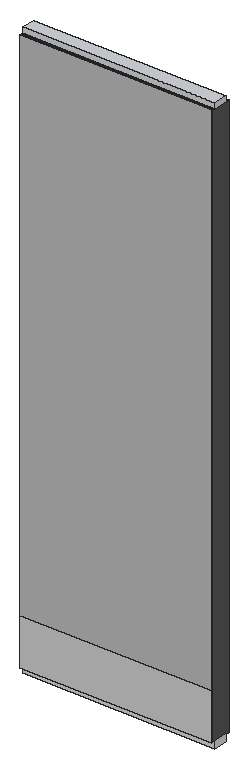
Revit family "Haworth_Enclose_Wall_Solid", category Furniture Systems, Revit 2018
Family settings
  Round Connector Dimension = Use Diameter
  Part Type = Normal
  OmniClass Number = 23.25.40.14
  OmniClass Title = Demountable Partitions
  Work Plane-Based = No
  Always vertical = Yes
  Cut with Voids When Loaded = No
  Shared = Yes
  Room Calculation Point = No
Parameters (values of type "36" x 108"")
  Warranty = "http://www.haworth.com/resources/product-info/warranties"
  URL - Product = "http://www.haworth.com/products/architectural-interiors/moveable-walls/enclose"
  Type Comments = ""
  Sustainability Info = "http://www.haworth.com/company-info/sustainablility"
  Raceway Finish = Haworth _ Metal _ Brushed Aluminum
  Panel 3 Front Finish [instance] = Haworth _ Paint _ Smoke
  Panel 3 Back Finish [instance] = Haworth _ Paint _ Smoke
  Panel 2 Front Finish [instance] = Haworth _ Paint _ Smoke
  Panel 2 Back Finish [instance] = Haworth _ Paint _ Smoke
  Panel 1 Front Finish [instance] = Haworth _ Paint _ Smoke
  Panel 1 Back Finish [instance] = Haworth _ Paint _ Smoke
  Model = "Haworth - Enclose"  # constant formula
  Frame Finish = Haworth _ Metal _ Brushed Aluminum
  End of Run Finish = Haworth _ Polymer _ Black
  Description = "Wall Solid"  # constant formula
  Ceiling Mount = yes
  Panel Size Note = "8in increments"  # constant formula
  Panel Height Note = "All Heights are A.F.F."  # constant formula
  Raceway Panel Width = Actual Width - (2 * End of Run Width)  # 35.69"
  Raceway Panel Front Height = 8.59"  # constant formula
  Raceway Panel Front = yes
  Raceway Panel Back Height = 8.59"  # constant formula
  Raceway Panel Back = yes
  Panel Height Back = if(Raceway Panel Back, (Actual Height - Cap Height - Base Height - Raceway Panel Back Height), (Actual Height - Cap Height - Base Height))  # 97.16"
  Offset Back = if(Raceway Panel Back, Raceway Panel Back Height + Base Height, Base Height)  # 9.84"
  Offset Front = if(Raceway Panel Front, Raceway Panel Front Height + Base Height, Base Height)  # 9.84"
  Max # of Panels = 3  # constant formula
  Material Options = "http://surfaces.haworth.com/haworth-surface-collection"
  Width = 36"
  Vertical Frame Width = 0.875"  # constant formula
  URL = "www.haworth.com"
  Size = "Verify Final Dim. w/ Haworth"  # constant formula
  Revision Number = "4"  # constant formula
  Panel Width = Actual Width - (2 * End of Run Width)  # 35.69"
  Panel Height Front = if(Raceway Panel Front, (Actual Height - Cap Height - Base Height - Raceway Panel Front Height), (Actual Height - Cap Height - Base Height))  # 97.16"
  Panel Depth = 0.5"  # constant formula
  Min/Max Width = "8-60 in."  # constant formula
  Min/Max Height = "84-144 in."  # constant formula
  Horizontal Top Trim Width = 1.5"  # constant formula
  Horizontal Top Adjuster Width = Cap Height + Horizontal Top Trim Width + 0.125"  # 2.625"
  Horizontal Bottom Adjuster Width = Base Height + Horizontal Bottom Trim Width + 0.125"  # 3.875"
  Glass Offset = Horizontal Bottom Adjuster Width + Horizontal Frame Width  # 4.75"
  Min. Width = 8"  # constant formula
  Max. Width = 60"  # constant formula
  Min. Height = 84"  # constant formula
  Max. Height = 144"  # constant formula
  Manufacturer = "Haworth"  # constant formula
  Horizontal Frame Width = 0.875"  # constant formula
  Horizontal Bottom Trim Width = 2.5"  # constant formula
  Height = 108"
  End of Run Width = 0.155"  # constant formula
  Frame Depth = 4"  # constant formula
  End of Run Right Width [instance] = if(End of Run Right, 1.845", End of Run Width)  # 0.155"
  End of Run Right [instance] = no
  End of Run Left Width [instance] = if(End of Run Left, 1.845", End of Run Width)  # 0.155"
  End of Run Left [instance] = no
  Cap Height = 1"  # constant formula
  Base Height = 1.25"  # constant formula
  Author = "SHAPE Environments, LLC"  # constant formula
  Assembly Code = "C1010200"
  Actual Width = if(Width < Min. Width, Min. Width, if(Width > Max. Width, Max. Width, Width))  # 36"
  Actual Height = if(Height < Min. Height, Min. Height, if(Height > Max. Height, Max. Height, Height))  # 108"
  Actual # of Panels Front = if(# of Panels Front > Max # of Panels, Max # of Panels, if(# of Panels Front < 1, 1, # of Panels Front))  # 1
  Actual # of Panels Back = if(# of Panels Back > Max # of Panels, Max # of Panels, if(# of Panels Back < 1, 1, # of Panels Back))  # 1
  # of Panels Front = 1
  # of Panels Back = 1
  Actual Panel 2 Front Height = if(Panel 2 Front Height < Actual Panel 1 Front Height + 8", Actual Panel 1 Front Height + 8", if(Panel 2 Front Height > Actual Height - 8", Actual Height - 8", Panel 2 Front Height))  # 64"
  Actual Panel 1 Front Height = if(Panel 1 Front Height < 8" + Offset Front, 8" + Offset Front, if(and(# of Panels Front = 3, Panel 1 Front Height > Actual Height - 16"), Actual Height - 16", if(and(# of Panels Front = 2, Panel 1 Front Height > Actual Height - 8"), Actual Height - 8", if(and(# of Panels Front = 1, Panel 1 Front Height > Actual Height), Actual Height, Panel 1 Front Height))))  # 32"
  Actual Panel 2 Back Height = if(Panel 2 Back Height < Actual Panel 1 Back Height + 8", Actual Panel 1 Back Height + 8", if(Panel 2 Back Height > Actual Height - 8", Actual Height - 8", Panel 2 Back Height))  # 64"
  Actual Panel 1 Back Height = if(Panel 1 Back Height < 8" + Offset Back, 8" + Offset Back, if(and(# of Panels Back = 3, Panel 1 Back Height > Actual Height - 16"), Actual Height - 16", if(and(# of Panels Back = 2, Panel 1 Back Height > Actual Height - 8"), Actual Height - 8", if(and(# of Panels Back = 1, Panel 1 Back Height > Actual Height), Actual Height, Panel 1 Back Height))))  # 32"
  Panel 2 Front Height = 64"
  Panel 1 Front Height = 32"
  Panel 2 Back Height = 64"
  Panel 1 Back Height = 32"
Types (5): name | Raceway Panel Width | Width | Panel Width | Actual Width | Actual # of Panels Front | Actual # of Panels Back | # of Panels Front | # of Panels Back
  36" x 108" | 35.69" | 36" | 35.69" | 36" | 1 | 1 | 1 | 1
  24" x 108" | 23.69" | 24" | 23.69" | 24" | 3 | 3 | 3 | 3
  30" x 108" | 29.69" | 30" | 29.69" | 30" | 3 | 3 | 3 | 3
  42" x 108" | 41.69" | 42" | 41.69" | 42" | 3 | 3 | 3 | 3
  48" x 108" | 47.69" | 48" | 47.69" | 48" | 3 | 3 | 3 | 3
Reference planes (in)
  plane 1 "Center F/B": y = -0.17786
  plane 2: z = 0
  plane 3 "Center L/R": x = -2.36364
  plane 4 "Left": x = -20.36364
  plane 5 "Right": x = 15.63636
  plane 6 "Top": z = 108
  plane 7 "Back": y = 1.82214
  plane 8 "Front": y = -2.17786
  plane 9 "Left Frame Outside": x = -20.20864
  plane 10 "Left Frame Inside": x = -19.33364
  plane 11 "Right Frame Outside": x = 15.48136
  plane 12 "Right Frame Inside": x = 14.60636
  plane 13 "End of Run Right": x = 15.63636
  plane 14 "End of Run Left": x = -20.36364
  plane 15 "Top Frame Outside": z = 105.375
  plane 16 "Top Trim Outside": z = 107
  plane 17 "Top Frame Inside": z = 104.5
  plane 18 "Bottom Frame Outside": z = 3.875
  plane 19 "Bottom Adjuster": z = 1.25
  plane 20 "Bottom Frame Inside": z = 4.75
  plane 21 "Raceway Top Front": z = 9.84
  plane 22 "Raceway Top Back": z = 9.84
Forms (in)
  Sweep 1, solid, material "Haworth _ Polymer _ Black" <- "End of Run Finish"
    path origin (0, -0.17786, 0) x (1, 0, 0) y (0, 0, 1)
      loop
        line (-20.20864, 107) -> (-20.20864, 1.25)
    profile "Haworth_Enclose - Postcap : Left" origin (-20.20864, -0.17786, 54.125) x (1, 0, 0) y (0, -1, 0)
      loop
        line (0, 1.805) -> (-0.155, 1.805) -> (-0.155, -1.805) -> (0, -1.805) -> (0, 1.805)
  Sweep 2, solid, material "Haworth _ Polymer _ Black" <- "End of Run Finish"
    path origin (0, -0.17786, 0) x (1, 0, 0) y (0, 0, 1)
      loop
        line (15.48136, 107) -> (15.48136, 1.25)
    profile "Haworth_Enclose - Postcap : Right" origin (15.48136, -0.17786, 54.125) x (1, 0, 0) y (0, -1, 0)
      loop
        line (0, 1.805) -> (0, -1.805) -> (0.155, -1.805) -> (0.155, 1.805) -> (0, 1.805)
  Sweep 3, solid, visible <- "Ceiling Mount"
    path origin (0, -0.17786, 0) x (1, 0, 0) y (0, 0, 1)
      loop
        line (-20.36364, 108) -> (15.63636, 108)
    profile "Haworth_Enclose - Horizontal_Track : Ceiling" origin (-2.36364, -0.17786, 108) x (0, 0, 1) y (0, -1, 0)
      loop
        line (0, 1.28) -> (-1, 1.28) -> (-1, -1.28) -> (0, -1.28) -> (0, 1.28)
  Sweep 4, solid
    path origin (0, -0.17786, 0) x (1, 0, 0) y (0, 0, 1)
      loop
        line (15.63636, 0) -> (-20.36364, 0)
    profile "Haworth_Enclose - Horizontal_Track : Base" origin (-2.36364, -0.17786, 0) x (0, 0, -1) y (0, -1, 0)
      loop
        line (0, 1.28) -> (-1.25, 1.28) -> (-1.25, -1.28) -> (0, -1.28) -> (0, 1.28)
  Sweep 5, solid, material "Haworth _ Metal _ Brushed Aluminum" <- "Frame Finish"
    path origin (0, -0.17786, 0) x (1, 0, 0) y (0, 0, 1)
      loop
        line (-20.20864, 107) -> (15.48136, 107)
    profile "Haworth_Enclose - Horizontal_Trim : Top" origin (-2.36364, -0.17786, 107) x (0, 0, 1) y (0, -1, 0)
      loop
        line (0, 1.5) -> (-1.43, 1.5) -> (-1.43, 1.305) -> (-1.625, 1.305) -> (-1.625, -1.305) -> (-1.43, -1.305) -> (-1.43, -1.5) -> (0, -1.5) -> (0, 1.5)
Lines and regions (in)
  Masking region 1
    outline origin (0, 0, 0) x (1, 0, 0) y (0, 1, 0)
      loop
        line (-20.36364, 1.82214) -> (-20.36364, -2.17786) -> (15.63636, -2.17786) -> (15.63636, 1.82214) -> (-20.36364, 1.82214)
  symbolic lines, style "Haworth", detail levels medium+fine
    curve 1: line (-19.33364, 1.32214, 0) -> (-19.33364, -1.67786, 0)
    curve 2: line (14.60636, 1.32214, 0) -> (14.60636, -1.67786, 0)
    curve 3: line (-20.36364, 1.32214, 0) -> (15.63636, 1.32214, 0)
    curve 4: line (15.63636, -1.67786, 0) -> (-20.36364, -1.67786, 0)
Dimensions and locks (in)
  equal spacing: plane 4 "Left", plane 3 "Center L/R", plane 5 "Right"
  "Actual Width": plane 4 "Left" to plane 5 "Right"
  "End of Run Width": plane 4 "Left" to plane 9 "Left Frame Outside"
  "Vertical Frame Width": plane 9 "Left Frame Outside" to plane 10 "Left Frame Inside"
  "End of Run Width": plane 11 "Right Frame Outside" to plane 5 "Right"
  "End of Run Right Width": plane 11 "Right Frame Outside" to plane 13 "End of Run Right"
  "End of Run Left Width": plane 14 "End of Run Left" to plane 9 "Left Frame Outside"
  "Vertical Frame Width": plane 12 "Right Frame Inside" to plane 11 "Right Frame Outside"
  equal spacing: plane 7 "Back", plane 1 "Center F/B", plane 8 "Front"
  "Frame Depth": plane 7 "Back" to plane 8 "Front"
  "Actual Height": plane 6 "Top" to level
  "Cap Height": plane 6 "Top" to plane 16 "Top Trim Outside"
  "Horizontal Frame Width": plane 15 "Top Frame Outside" to plane 17 "Top Frame Inside"
  "Base Height": plane 19 "Bottom Adjuster" to level
  "Horizontal Frame Width": plane 20 "Bottom Frame Inside" to plane 18 "Bottom Frame Outside"
  "Horizontal Bottom Adjuster Width": plane 18 "Bottom Frame Outside" to plane 2
  "Horizontal Top Adjuster Width": plane 6 "Top" to plane 15 "Top Frame Outside"
  "Raceway Panel Front Height": plane 21 "Raceway Top Front" to plane 19 "Bottom Adjuster"
  "Raceway Panel Back Height": plane 19 "Bottom Adjuster" to plane 22 "Raceway Top Back"
  aligned and locked: Sweep 1 sketch curve to plane 9 "Left Frame Outside"
  aligned and locked: Sweep 2 sketch curve to plane 11 "Right Frame Outside"
  aligned and locked: plane 13 "End of Run Right" to Sweep 3 sketch curve
  aligned and locked: plane 14 "End of Run Left" to Sweep 3 sketch curve
  aligned and locked: plane 14 "End of Run Left" to Sweep 4 sketch curve
  aligned and locked: plane 13 "End of Run Right" to Sweep 4 sketch curve
  aligned and locked: plane 2 to Sweep 4 sketch curve
  aligned and locked: Sweep 3 sketch curve to plane 6 "Top"
  aligned and locked: Masking region 1 sketch curve to plane 7 "Back"
  aligned and locked: plane 8 "Front" to Masking region 1 sketch curve
  aligned and locked: plane 19 "Bottom Adjuster" to Sweep 1 sketch curve
  aligned and locked: plane 16 "Top Trim Outside" to Sweep 1 sketch curve
  aligned and locked: plane 16 "Top Trim Outside" to Sweep 2 sketch curve
  aligned and locked: plane 19 "Bottom Adjuster" to Sweep 2 sketch curve
  aligned and locked: plane 3 "Center L/R" to nested 1
  aligned and locked: plane 8 "Front" to nested 1
  aligned and locked: nested 2 to plane 3 "Center L/R"
  aligned and locked: plane 7 "Back" to nested 2
  aligned and locked: curve 1 to plane 10 "Left Frame Inside"
  aligned and locked: curve 2 to plane 12 "Right Frame Inside"
  aligned and locked: nested 2 to curve 1
  aligned and locked: nested 1 to curve 2
  aligned and locked: nested 1 to plane 19 "Bottom Adjuster"
  aligned and locked: plane 19 "Bottom Adjuster" to nested 2
  aligned and locked: curve 3 to nested 2
  aligned and locked: plane 14 "End of Run Left" to curve 3
  aligned and locked: plane 14 "End of Run Left" to curve 4
  aligned and locked: curve 4 to nested 1
  aligned and locked: plane 13 "End of Run Right" to curve 3
  aligned and locked: plane 13 "End of Run Right" to curve 4
  aligned and locked: plane 3 "Center L/R" to nested 3
  aligned and locked: plane 8 "Front" to nested 3
  aligned and locked: nested 4 to plane 3 "Center L/R"
  aligned and locked: plane 7 "Back" to nested 4
  aligned and locked: Masking region 1 to plane 14 "End of Run Left"
  aligned and locked: plane 13 "End of Run Right" to Masking region 1
  aligned and locked: plane 16 "Top Trim Outside" to nested 3
  aligned and locked: nested 4 to plane 16 "Top Trim Outside"
  aligned and locked: Sweep 5 sketch curve to plane 16 "Top Trim Outside"
  aligned and locked: plane 9 "Left Frame Outside" to Sweep 5 sketch curve
  aligned and locked: plane 11 "Right Frame Outside" to Sweep 5 sketch curve
Automatic sketch dimensions
  Masking region 1 sketch curve to plane 4 "Left" = 0"
  plane 5 "Right" to Masking region 1 sketch curve = 0"
Nested families (in)
  nested 1: "Haworth_Enclose - Panel_Solid" at (-3.54385, -1.89763, 1.25), visible <- "Raceway Panel Front", Panel Height <- "Raceway Panel Front Height", type "Raceway Panel"
    with Panel Height 8.59"
  nested 2: "Haworth_Enclose - Panel_Solid" at (-3.54385, 1.5419, 1.25), visible <- "Raceway Panel Back", Panel Height <- "Raceway Panel Back Height", type "Raceway Panel"
    with Panel Height 8.59"
  nested 3: "Haworth_Enlcose - Panel_Solid-Tiles" at (-3.54385, -1.89763, 9.84), Panel 3 Finish <- "Panel 3 Front Finish", Panel 2 Finish <- "Panel 2 Front Finish", Panel 1 Finish <- "Panel 1 Front Finish", # of Panels <- "Actual # of Panels Front", built-in parameter 1001364 <- "Offset Front", type "Front"
    with Panel 3 Finish Haworth _ Paint _ Smoke, Panel 2 Finish Haworth _ Paint _ Smoke, Panel 1 Finish Haworth _ Paint _ Smoke, Actual # of Panels 1, 3 Panel no, 2 Panel no, 1 Panel yes, # of Panels 1, Offset 9.84", Actual 2H 54.16", Actual 1H 22.16", 2H 64", 1H 32", Actual Height 97.16"
  nested 4: "Haworth_Enlcose - Panel_Solid-Tiles" at (-3.54385, 1.5419, 9.84), Panel 3 Finish <- "Panel 3 Back Finish", Panel 2 Finish <- "Panel 2 Back Finish", Panel 1 Finish <- "Panel 1 Back Finish", # of Panels <- "Actual # of Panels Back", built-in parameter 1001364 <- "Offset Back", type "Back"
    with Panel 3 Finish Haworth _ Paint _ Smoke, Panel 2 Finish Haworth _ Paint _ Smoke, Panel 1 Finish Haworth _ Paint _ Smoke, Actual # of Panels 1, 3 Panel no, 2 Panel no, 1 Panel yes, # of Panels 1, Offset 9.84", Actual 2H 54.16", Actual 1H 22.16", 2H 64", 1H 32", Actual Height 97.16"
Definition of nested family "Haworth_Enclose - Panel_Solid"
  Parameters
    URL = "www.haworth.com"
    Revision Number = "1"  # constant formula
    Revision Date = ""
    Panel Width = 35.69"
    Panel Height [instance] = 8"
    Panel Finish = none
    Panel Depth = 0.5"
    Manufacturer = "Haworth"  # constant formula
    Author = "SHAPE Environments, LLC"  # constant formula
    Assembly Code = ""
  Reference planes (in)
    plane 1 "Center F/B": y = -0.03024
    plane 2: z = 0
    plane 3 "Center L/R": x = 1.1802
    plane 4 "Left": x = -16.6648
    plane 5 "Right": x = 19.0252
    plane 6 "Back": y = 0.21976
    plane 7 "Front": y = -0.28024
    plane 8 "Top": z = 8
  Forms (in)
    Extrusion 1, solid, material <- "Panel Finish"
      sketch origin (0, -0.03024, 0) x (1, 0, 0) y (0, 0, 1)
        loop
          line (-16.6648, 8) -> (-16.6648, 0) -> (19.0252, 0) -> (19.0252, 8) -> (-16.6648, 8)
      from -0.25 to 0.25
  Dimensions and locks (in)
    "Panel Height": plane 8 "Top" to level
    equal spacing: plane 6 "Back", plane 1 "Center F/B", plane 7 "Front"
    "Panel Depth": plane 6 "Back" to plane 7 "Front"
    equal spacing: plane 4 "Left", plane 3 "Center L/R", plane 5 "Right"
    "Panel Width": plane 4 "Left" to plane 5 "Right"
    aligned and locked: plane 4 "Left" to Extrusion 1 sketch curve
    aligned and locked: Extrusion 1 sketch curve to plane 8 "Top"
    aligned and locked: level to Extrusion 1 sketch curve
    aligned and locked: Extrusion 1 sketch curve to plane 5 "Right"
    aligned and locked: plane 6 "Back" to Extrusion 1
    aligned and locked: Extrusion 1 to plane 7 "Front"
Definition of nested family "Haworth_Enlcose - Panel_Solid-Tiles"
  Parameters
    URL = "www.haworth.com"
    Revision Number = "1"  # constant formula
    Revision Date = ""
    Panel Width = 35.69"
    Panel Depth = 0.5"
    Offset = 9.25"
    Panel 3 Finish [instance] = none
    Actual 2H = [2H] - Offset  # 14.75"
    Actual 1H = [1H] - Offset  # 6.75"
    Actual # of Panels [instance] = if(# of Panels > 3, 3, # of Panels)  # 3
    3 Panel [instance] = Actual # of Panels = 3  # yes
    2H = 24"
    Panel 2 Finish [instance] = none
    2 Panel [instance] = Actual # of Panels = 2  # no
    1H = 16"
    Panel 1 Finish [instance] = none
    1 Panel [instance] = Actual # of Panels = 1  # no
    Manufacturer = "Haworth"  # constant formula
    Author = "SHAPE Environments, LLC"  # constant formula
    Assembly Code = ""
    Actual Height = 44.75"
    # of Panels [instance] = 3
  Reference planes (in)
    plane 1 "Center F/B": y = -0.03024
    plane 2 "Bottom": z = 0
    plane 3 "Center L/R": x = 1.1802
    plane 4 "Left": x = -16.6648
    plane 5 "Right": x = 19.0252
    plane 6 "Back": y = 0.21976
    plane 7 "Front": y = -0.28024
    plane 8 "Top": z = 44.75
    plane 9: z = 14.75
    plane 10: z = 6.75
  Forms (in)
    Extrusion 1, solid, material <- "Panel 1 Finish", visible <- "1 Panel"
      sketch origin (0, -0.03024, -6.5) x (1, 0, 0) y (0, 0, 1)
        loop
          line (-16.6648, 51.25) -> (-16.6648, 6.5) -> (19.0252, 6.5) -> (19.0252, 51.25) -> (-16.6648, 51.25)
      from -0.25 to 0.25
    Extrusion 2, solid, material <- "Panel 1 Finish", visible <- "2 Panel"
      sketch origin (0, -0.03024, -6.5) x (1, 0, 0) y (0, 0, 1)
        loop
          line (-16.6648, 13.25) -> (-16.6648, 6.5) -> (19.0252, 6.5) -> (19.0252, 13.25) -> (-16.6648, 13.25)
      from -0.25 to 0.25
    Extrusion 3, solid, material <- "Panel 2 Finish", visible <- "2 Panel"
      sketch origin (0, -0.03024, -6.5) x (1, 0, 0) y (0, 0, 1)
        loop
          line (-16.6648, 51.25) -> (-16.6648, 13.25) -> (19.0252, 13.25) -> (19.0252, 51.25) -> (-16.6648, 51.25)
      from -0.25 to 0.25
    Extrusion 4, solid, material <- "Panel 1 Finish", visible <- "3 Panel"
      sketch origin (0, -0.03024, -6.5) x (1, 0, 0) y (0, 0, 1)
        loop
          line (-16.6648, 13.25) -> (-16.6648, 6.5) -> (19.0252, 6.5) -> (19.0252, 13.25) -> (-16.6648, 13.25)
      from -0.25 to 0.25
    Extrusion 5, solid, material <- "Panel 2 Finish", visible <- "3 Panel"
      sketch origin (0, -0.03024, -6.5) x (1, 0, 0) y (0, 0, 1)
        loop
          line (-16.6648, 21.25) -> (-16.6648, 13.25) -> (19.0252, 13.25) -> (19.0252, 21.25) -> (-16.6648, 21.25)
      from -0.25 to 0.25
    Extrusion 6, solid, material <- "Panel 3 Finish", visible <- "3 Panel"
      sketch origin (0, -0.03024, -6.5) x (1, 0, 0) y (0, 0, 1)
        loop
          line (-16.6648, 51.25) -> (-16.6648, 21.25) -> (19.0252, 21.25) -> (19.0252, 51.25) -> (-16.6648, 51.25)
      from -0.25 to 0.25
  Dimensions and locks (in)
    equal spacing: plane 6 "Back", plane 1 "Center F/B", plane 7 "Front"
    "Panel Depth": plane 6 "Back" to plane 7 "Front"
    equal spacing: plane 4 "Left", plane 3 "Center L/R", plane 5 "Right"
    "Panel Width": plane 4 "Left" to plane 5 "Right"
    "Actual 1H": plane 10 to level
    "Actual 2H": plane 9 to level
    "Actual Height": plane 8 "Top" to plane 2 "Bottom"
    aligned and locked: plane 4 "Left" to Extrusion 2 sketch curve
    aligned and locked: Extrusion 2 sketch curve to plane 10
    aligned and locked: Extrusion 2 sketch curve to Extrusion 1
    aligned and locked: Extrusion 3 sketch curve to Extrusion 2  (x2)
    aligned and locked: Extrusion 3 to Extrusion 4 sketch curve
    aligned and locked: Extrusion 4 sketch curve to Extrusion 2
    aligned and locked: Extrusion 4 sketch curve to Extrusion 1
    aligned and locked: plane 4 "Left" to Extrusion 5 sketch curve
    aligned and locked: Extrusion 5 sketch curve to plane 9
    aligned and locked: Extrusion 5 sketch curve to Extrusion 2
    aligned and locked: Extrusion 5 sketch curve to Extrusion 3
    aligned and locked: Extrusion 6 sketch curve to Extrusion 5  (x2)
  Automatic sketch dimensions
    Extrusion 1 sketch curve to plane 5 "Right" = 0"
    Extrusion 1 sketch curve to plane 4 "Left" = 0"
    Extrusion 1 sketch curve to plane 8 "Top" = 0"
    Extrusion 3 sketch curve to plane 4 "Left" = 0"
    Extrusion 3 sketch curve to plane 8 "Top" = 0"
    Extrusion 6 sketch curve to plane 4 "Left" = 0"
    Extrusion 6 sketch curve to plane 8 "Top" = 0"
    level to Extrusion 1 sketch curve = 0"
    level to Extrusion 2 sketch curve = 0"
    level to Extrusion 4 sketch curve = 0"
